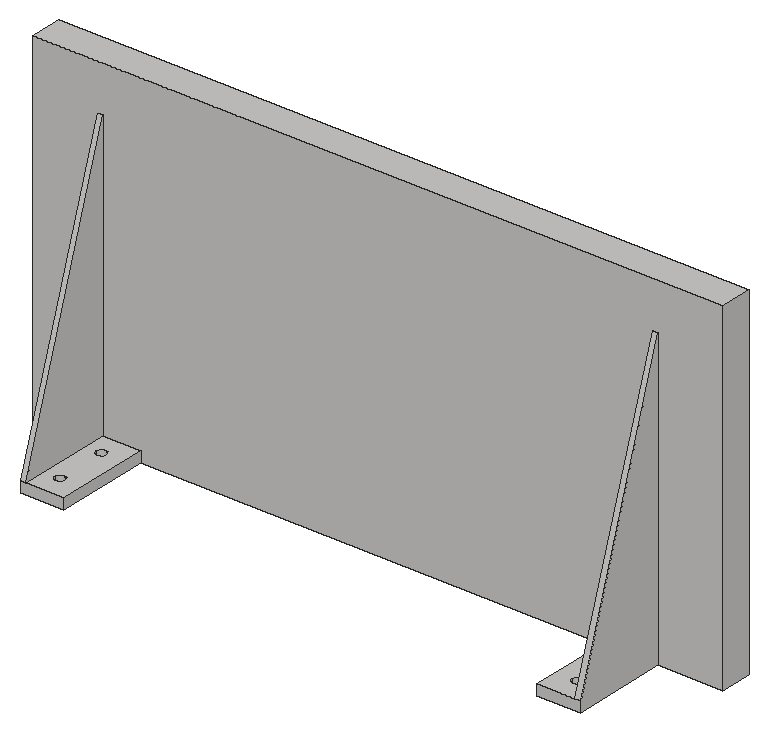
Revit family "B-295_Series", category Plumbing Fixtures, host Face, Revit 2014
Parameters (values of type "B-295x16")
  Width = 8"
  Waste Connection = no
  Warranty Information = "3 Years Warranty"
  WFU = 0
  Vent Connection = no
  URL = "http://bobrick.com/Pages/default.aspx"
  Type Comments = ""
  Revised Date = ""
  Product URL = "http://bobrick.com/washroomaccessories/Pages/ProductDetails.aspx?Product+Number=B-295+x+16"
  Product Documentation Link = "http://bobrick.com/Documents/B-295_td.pdf"
  Price = "Prices may vary. Please consult Manufacturer Representative for most up-to-date price list."  # constant formula
  Model = "B-295"
  Material = "Stainless Steel, Satin Finish"
  Manufacturer = "Bobrick"
  Length = 16"
  Installation Type = "Wall Mounted"
  Height = 3"
  HWFU = 0
  HW Connection = no
  Description = "Shelf shall be type-304, 18-gauge (1.2mm) stainless steel with satin finish. Mounting brackets, welded to shelf."
  Default Elevation = 40"
  Creation Date = "2/11/2016"
  CWFU = 0
  CW Connection = no
  Assembly Code = ""
  ADA Compliant = yes
Types (4): name | Length
  (no name) | 16"
  B-295x16 | 16"
  B-295x18 | 18"
  B-295x24 | 24"
Reference planes (in)
  plane 1 "Center (Front/Back)": y = 0
  plane 2: z = 0
  plane 3 "Center (Left/Right)": x = 0
  plane 4: y = -3
  plane 5: x = -8
  plane 6: y = -0.75
  plane 7: x = 8
  plane 8: x = 6
  plane 9: y = -1.875
  plane 10: x = 5.5
  plane 11: x = 6.5
  plane 12: x = -6
  plane 13: y = -1.875
  plane 14: x = -5.5
  plane 15: x = -6.5
Forms (in)
  Extrusion 1, solid, material "Stainless Steel"
    sketch origin (0, 0, 0) x (1, 0, 0) y (0, 1, 0)
      loop
        line (-8, 0) -> (-8, -0.75) -> (8, -0.75) -> (8, 0) -> (-8, 0)
    from 0 to 8
  Extrusion 2, solid, material "Stainless Steel"
    sketch origin (-2.25, 0, 0) x (1, 0, 0) y (0, 1, 0)
      loop
        line (8.75, -0.75) -> (7.75, -0.75) -> (7.75, -3) -> (8.75, -3) -> (8.75, -0.75)
      loop
        circle (8.25, -1.2749) r 0.11893
      loop
        circle (8.25, -2.4751) r 0.11893
    from 0 to 0.25
  Extrusion 3, solid, material "Stainless Steel"
    sketch origin (0, 0, 0) x (0, 1, 0) y (0, 0, 1)
      loop
        line (-3, 0.25) -> (-0.75, 0.25) -> (-0.75, 6.92165) -> (-3, 0.25)
    from 6.5 to 6.37837
  Extrusion 4, solid, material "Stainless Steel"
    sketch origin (2.25, 0, 0) x (-1, 0, 0) y (0, -1, 0)
      loop
        line (8.75, 0.75) -> (8.75, 3) -> (7.75, 3) -> (7.75, 0.75) -> (8.75, 0.75)
      loop
        circle (8.25, 1.2749) r 0.11893
      loop
        circle (8.25, 2.4751) r 0.11893
    from 0 to 0.25
  Extrusion 5, solid, material "Stainless Steel"
    sketch origin (0, 0, 0) x (0, 1, 0) y (0, 0, -1)
      loop
        line (-3, -0.25) -> (-0.75, -6.92165) -> (-0.75, -0.25) -> (-3, -0.25)
    from 6.5 to 6.37837
Cuts and joins
  joined: Extrusion 1, Extrusion 2, Extrusion 3, Extrusion 4, Extrusion 5
Dimensions and locks (in)
  "Length": plane 5 to plane 7
  equal spacing: plane 5, plane 3 "Center (Left/Right)", plane 7
  aligned and locked: plane 2 to host face
  aligned and locked: level to host face
Automatic sketch dimensions
  host sketch curve to host sketch curve = 96"  (x2)
  Extrusion 1 sketch curve to plane 5 = 0"
  plane 6 to Extrusion 1 sketch curve = 0"
  Extrusion 1 sketch curve to plane 7 = 0"
  plane 1 "Center (Front/Back)" to Extrusion 1 sketch curve = 0"
  plane 6 to Extrusion 2 sketch curve = 0"
  Extrusion 2 sketch curve to plane 10 = 0"
  Extrusion 2 sketch curve to plane 8 = 0"  (x2)
  plane 4 to Extrusion 2 sketch curve = 0"
  Extrusion 2 sketch curve to plane 11 = 0"
  Extrusion 2 sketch curve to plane 4 = 0.5249"
  plane 6 to Extrusion 2 sketch curve = 0.5249"
  Extrusion 3 sketch curve to plane 4 = 0"
  Extrusion 3 sketch curve to plane 6 = 0"
  level to Extrusion 3 sketch curve = 1/4"
  Extrusion 3 sketch curve to Extrusion 3 sketch curve = 6.67165"
  plane 6 to Extrusion 4 sketch curve = 0"
  Extrusion 4 sketch curve to plane 14 = 0"
  Extrusion 4 sketch curve to plane 12 = 0"  (x2)
  plane 4 to Extrusion 4 sketch curve = 0"
  Extrusion 4 sketch curve to plane 15 = 0"
  plane 4 to Extrusion 4 sketch curve = 0.5249"
  Extrusion 4 sketch curve to plane 6 = 0.5249"
  Extrusion 5 sketch curve to plane 4 = 0"
  Extrusion 5 sketch curve to plane 6 = 0"
  level to Extrusion 5 sketch curve = 6.92165"
  level to Extrusion 5 sketch curve = 1/4"
  radius of Extrusion 2 sketch curve = 0.11893"  (x2)
  radius of Extrusion 4 sketch curve = 0.11893"  (x2)
